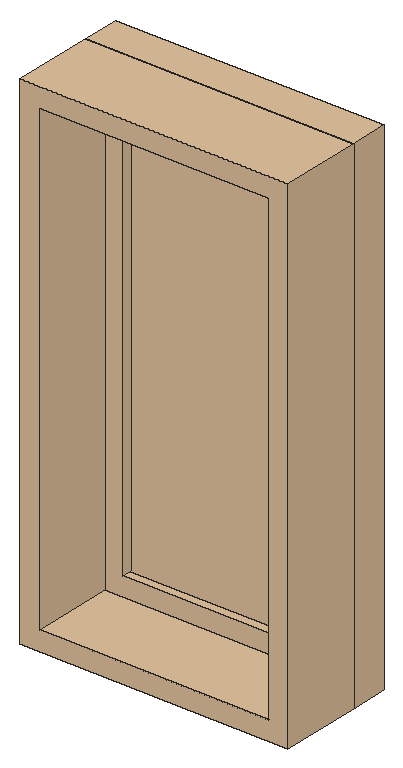
Revit family "排氣墩1", category 窗, Revit 2014
Parameters (values of type "45 x 95 cm 2")
  熱阻 (R) = 0.271106 (m²·K)/W
  Visual Light Transmittance = 0.9
  Solar Heat Gain Coefficient = 0.78
  營造類型 Id = "GSP4R"
  傳熱係數 (U) = 3.6886 W/(m²·K)
  框架外部材料 = 窗框
  框架內部材料 = 窗框
  玻璃窗格材料 = 玻璃
  高度 = 850 mm
  窗框 = 窗框
  預設窗台高度 = 0 mm
  牆封閉 = 依主體
  寬度 = 450 mm
  窗戶內嵌 = 19 mm
  解析營造 = "1/8 英吋 Pilkington 單層鑲嵌玻璃"
Reference planes
  plane 1: y = 0
  plane 2 "中心": x = 0
  plane 3 "左": x = -225
  plane 4 "右": x = 225
  plane 5 "窗台": z = 0
  plane 6 "標頭": z = 850
  plane 7: x = -206
  plane 8: x = 206
  plane 9: x = -193
  plane 10: x = 193
  plane 11: z = 831
  plane 12: z = 818
  plane 13: z = 32
  plane 14 "封閉": y = 66
Forms (mm)
  Extrusion 1, solid, material "窗框" <- "框架內部材料"
    sketch origin (0, 0, 0) x (-1, 0, 0) y (0, 0, 1)
      loop
        line (-225, 850) -> (-225, 0) -> (225, 0) -> (225, 850) -> (-225, 850)
      loop
        line (-193, 818) -> (-193, 32) -> (193, 32) -> (193, 818) -> (-193, 818)
    from -87 to 50
  Extrusion 2, solid, material "窗框" <- "框架外部材料"
    sketch origin (0, 0, 0) x (-1, 0, 0) y (0, 0, 1)
      loop
        line (-225, 850) -> (-225, 0) -> (225, 0) -> (225, 850) -> (-225, 850)
      loop
        line (-206, 831) -> (-206, 19) -> (206, 19) -> (206, 831) -> (-206, 831)
    from 50 to 113
  Extrusion 3, solid, material "窗框" <- "窗框"
    sketch origin (0, 0, 0) x (-1, 0, 0) y (0, 0, 1)
      loop
        line (-206, 831) -> (-206, 19) -> (206, 19) -> (206, 831) -> (-206, 831)
      loop
        line (-162, 787) -> (-162, 63) -> (162, 63) -> (162, 787) -> (-162, 787)
    from 50 to 94
  Extrusion 4, solid, material "窗框" <- "窗框"
    sketch origin (0, 0, 0) x (-1, 0, 0) y (0, 0, 1)
      loop
        line (-162, 787) -> (-162, 63) -> (162, 63) -> (162, 787) -> (-162, 787)
    from 66 to 78
Lines and regions (mm)
  Opening 1
    outline origin (3500, -87, 0) x (1, 0, 0) y (0, 0, 1)
      loop
        line (-3275, 0) -> (-3275, 850) -> (-3725, 850) -> (-3725, 0) -> (-3275, 0)
  symbolic lines, style "WindowsFrameMullionProjection"
    curve 1: line (-225, 113, 0) -> (-206, 113, 0)
    curve 2: line (-225, -87, 0) -> (-193, -87, 0)
    curve 3: line (-206, 94, 0) -> (-162, 94, 0)
    curve 4: line (-206, 50, 0) -> (-162, 50, 0)
    curve 5: line (-206, 113, 0) -> (-206, 50, 0)
    curve 6: line (-162, 94, 0) -> (-162, 50, 0)
    curve 7: line (-193, 50, 0) -> (-193, -87, 0)
    curve 8: line (223.878, 113, 0) -> (206, 113, 0)
    curve 9: line (206, 113, 0) -> (206, 50, 0)
    curve 10: line (206, 94, 0) -> (162, 94, 0)
    curve 11: line (162, 94, 0) -> (162, 50, 0)
    curve 12: line (162, 50, 0) -> (206, 50, 0)
    curve 13: line (225, -87, 0) -> (193, -87, 0)
    curve 14: line (193, 50, 0) -> (193, -87, 0)
  symbolic lines, style "WindowsGlassProjection"
    curve 15: line (-162, 72, 0) -> (162, 72, 0)
  model lines
    curve 16: line (-162, 66, 103) -> (162, 66, 103)
    curve 17: line (-162, 66, 143) -> (162, 66, 143)
    curve 18: line (-162, 66, 183) -> (162, 66, 183)
    curve 19: line (-162, 66, 223) -> (162, 66, 223)
    curve 20: line (-162, 66, 263) -> (162, 66, 263)
    curve 21: line (-162, 66, 303) -> (162, 66, 303)
    curve 22: line (-162, 66, 343) -> (162, 66, 343)
    curve 23: line (-162, 66, 383) -> (162, 66, 383)
    curve 24: line (-162, 66, 423) -> (162, 66, 423)
    curve 25: line (-162, 66, 463) -> (162, 66, 463)
    curve 26: line (-162, 66, 503) -> (162, 66, 503)
    curve 27: line (-162, 66, 543) -> (162, 66, 543)
    curve 28: line (-162, 66, 583) -> (162, 66, 583)
    curve 29: line (-162, 66, 623) -> (162, 66, 623)
    curve 30: line (-162, 66, 663) -> (162, 66, 663)
    curve 31: line (-162, 66, 703) -> (162, 66, 703)
    curve 32: line (-162, 66, 743) -> (162, 66, 743)
    curve 33: line (-162, 66, 783) -> (162, 66, 783)
    curve 34: line (-162, 66, 823) -> (162, 66, 823)
    curve 35: line (-162, 66, 773) -> (162, 66, 773)
    curve 36: line (-162, 78, 13) -> (162, 78, 13)
    curve 37: line (-162, 78, 53) -> (162, 78, 53)
    curve 38: line (-162, 78, 93) -> (162, 78, 93)
    curve 39: line (-162, 78, 133) -> (162, 78, 133)
    curve 40: line (-162, 78, 173) -> (162, 78, 173)
    curve 41: line (-162, 78, 213) -> (162, 78, 213)
    curve 42: line (-162, 78, 253) -> (162, 78, 253)
    curve 43: line (-162, 78, 293) -> (162, 78, 293)
    curve 44: line (-162, 78, 333) -> (162, 78, 333)
    curve 45: line (-162, 78, 373) -> (162, 78, 373)
    curve 46: line (-162, 78, 413) -> (162, 78, 413)
    curve 47: line (-162, 78, 453) -> (162, 78, 453)
    curve 48: line (-162, 78, 493) -> (162, 78, 493)
    curve 49: line (-162, 78, 533) -> (162, 78, 533)
    curve 50: line (-162, 78, 573) -> (162, 78, 573)
    curve 51: line (-162, 78, 613) -> (162, 78, 613)
    curve 52: line (-162, 78, 653) -> (162, 78, 653)
    curve 53: line (-162, 78, 693) -> (162, 78, 693)
    curve 54: line (-162, 78, 733) -> (162, 78, 733)
    curve 55: line (-162, 78, 773) -> (162, 78, 773)
Text (mm)
  text "外部" at (-1394.263, 836.427, 0), in view "樓板線"
  text "內部" at (-1394.263, -535.979, 0), in view "樓板線"
  text "外部" at (0, 314.263, 3273.967), in view "右"
  text "外部" at (0, 999.457, 3063.296), in view "左"
Dimensions and locks
  equal spacing: plane 3 "左", plane 2 "中心", plane 4 "右"
  "寬度": plane 3 "左" to plane 4 "右"
  "高度": plane 5 "窗台" to plane 6 "標頭"
  "預設窗台高度": plane 5 "窗台" to level
  "窗戶內嵌": host wall to Extrusion 3
  locked: Extrusion 3 to Extrusion 3 at 44
  locked: Extrusion 3 to Extrusion 4 at 16
  locked: Extrusion 4 to Extrusion 4 at 12
  locked: Extrusion 1 sketch curve to Extrusion 1 sketch curve at 32  (x2)
  locked: plane 3 "左" to plane 7 at 19
  locked: plane 8 to plane 4 "右" at 19
  locked: plane 10 to plane 4 "右" at 32
  locked: plane 3 "左" to plane 9 at 32
  locked: plane 11 to plane 6 "標頭" at 19
  locked: plane 6 "標頭" to plane 12 at 32
  locked: plane 13 to plane 5 "窗台" at 32
  locked: plane 14 "封閉" to host wall at 47
  aligned and locked: host wall to Extrusion 1
  aligned and locked: host wall to Extrusion 2
  aligned and locked: Extrusion 3 sketch curve to Extrusion 2  (x4)
  aligned and locked: Extrusion 3 to Extrusion 1
  aligned and locked: Extrusion 2 to Extrusion 1
  aligned and locked: Extrusion 4 sketch curve to Extrusion 3  (x4)
  aligned and locked: curve 1 to Extrusion 2  (x2)
  aligned and locked: Extrusion 1 to curve 2
  aligned and locked: curve 3 to Extrusion 3
  aligned and locked: curve 4 to Extrusion 2  (x2)
  aligned and locked: curve 5 to Extrusion 2
  aligned and locked: curve 6 to Extrusion 3
  aligned and locked: curve 7 to Extrusion 1
  aligned and locked: Extrusion 2 to curve 9
  aligned and locked: curve 10 to Extrusion 3
  aligned and locked: curve 11 to Extrusion 3
  aligned and locked: Extrusion 3 to curve 12
  aligned and locked: curve 13 to Extrusion 1  (x2)
  aligned and locked: curve 14 to Extrusion 1
  aligned and locked: Extrusion 2 to curve 8
  aligned and locked: curve 55 to Extrusion 4
  aligned and locked: curve 54 to Extrusion 4
  aligned and locked: curve 53 to Extrusion 4
  aligned and locked: curve 52 to Extrusion 4
  aligned and locked: curve 51 to Extrusion 4
  aligned and locked: curve 50 to Extrusion 4
  aligned and locked: curve 49 to Extrusion 4
  aligned and locked: curve 48 to Extrusion 4
  aligned and locked: curve 47 to Extrusion 4
  aligned and locked: curve 46 to Extrusion 4
  aligned and locked: Extrusion 4 to curve 38
Automatic sketch dimensions
  Extrusion 1 sketch curve to plane 5 "窗台" = 32 mm
  plane 6 "標頭" to Extrusion 1 sketch curve = 32 mm
  plane 4 "右" to Extrusion 2 sketch curve = 19 mm
  Extrusion 2 sketch curve to Extrusion 2 sketch curve = 19 mm
  Extrusion 2 sketch curve to plane 5 "窗台" = 19 mm
  plane 6 "標頭" to Extrusion 2 sketch curve = 19 mm
  Extrusion 1 sketch curve to plane 4 "右" = 0 mm
  Extrusion 1 sketch curve to plane 3 "左" = 0 mm
  Extrusion 1 sketch curve to plane 5 "窗台" = 0 mm
  Extrusion 1 sketch curve to plane 6 "標頭" = 0 mm
  Extrusion 2 sketch curve to plane 4 "右" = 0 mm
  Extrusion 2 sketch curve to plane 3 "左" = 0 mm
  Extrusion 2 sketch curve to plane 5 "窗台" = 0 mm
  Extrusion 2 sketch curve to plane 6 "標頭" = 0 mm
  Opening 1 sketch curve to plane 3 "左" = 0 mm
  Opening 1 sketch curve to plane 4 "右" = 0 mm
  Opening 1 sketch curve to plane 5 "窗台" = 0 mm
  Opening 1 sketch curve to plane 6 "標頭" = 0 mm
  host wall to curve 7 = 0 mm
  plane 4 "右" to curve 8 = 1.122 mm
  curve 15 to plane 14 "封閉" = 6 mm
  plane 10 to Extrusion 3 sketch curve = 31 mm
  Extrusion 3 sketch curve to plane 13 = 31 mm
  Extrusion 3 sketch curve to plane 9 = 31 mm
  plane 12 to Extrusion 3 sketch curve = 31 mm
  Extrusion 4 to curve 16 = 0 mm
  Extrusion 4 to curve 17 = 0 mm
  Extrusion 4 to curve 18 = 0 mm
  Extrusion 4 to curve 19 = 0 mm
  Extrusion 4 to curve 20 = 0 mm
  Extrusion 4 to curve 35 = 0 mm
  Extrusion 4 to curve 21 = 0 mm
  Extrusion 4 to curve 22 = 0 mm
  Extrusion 4 to curve 23 = 0 mm
  Extrusion 4 to curve 24 = 0 mm
  Extrusion 4 to curve 25 = 0 mm
  Extrusion 4 to curve 26 = 0 mm
  Extrusion 4 to curve 27 = 0 mm
  Extrusion 4 to curve 28 = 0 mm
  Extrusion 4 to curve 29 = 0 mm
  Extrusion 4 to curve 30 = 0 mm
  Extrusion 4 to curve 31 = 0 mm
  Extrusion 4 to curve 32 = 0 mm
  Extrusion 4 to curve 33 = 0 mm
  Extrusion 4 to curve 34 = 0 mm
  curve 34 to Extrusion 4 = 0 mm
  curve 33 to Extrusion 4 = 0 mm
  curve 32 to Extrusion 4 = 0 mm
  curve 31 to Extrusion 4 = 0 mm
  curve 30 to Extrusion 4 = 0 mm
  curve 29 to Extrusion 4 = 0 mm
  curve 28 to Extrusion 4 = 0 mm
  curve 27 to Extrusion 4 = 0 mm
  curve 26 to Extrusion 4 = 0 mm
  curve 25 to Extrusion 4 = 0 mm
  curve 24 to Extrusion 4 = 0 mm
  curve 23 to Extrusion 4 = 0 mm
  curve 22 to Extrusion 4 = 0 mm
  curve 35 to Extrusion 4 = 0 mm
  curve 21 to Extrusion 4 = 0 mm
  curve 20 to Extrusion 4 = 0 mm
  curve 19 to Extrusion 4 = 0 mm
  curve 18 to Extrusion 4 = 0 mm
  curve 17 to Extrusion 4 = 0 mm
  curve 16 to Extrusion 4 = 0 mm
  Extrusion 4 to curve 16 = 40 mm
  curve 16 to curve 17 = 40 mm
  curve 17 to curve 18 = 40 mm
  curve 18 to curve 19 = 40 mm
  curve 19 to curve 20 = 40 mm
  curve 20 to curve 21 = 40 mm
  curve 21 to curve 22 = 40 mm
  curve 22 to curve 23 = 40 mm
  curve 23 to curve 24 = 40 mm
  curve 24 to curve 25 = 40 mm
  curve 25 to curve 26 = 40 mm
  curve 26 to curve 27 = 40 mm
  curve 27 to curve 28 = 40 mm
  curve 28 to curve 29 = 40 mm
  curve 29 to curve 30 = 40 mm
  curve 30 to curve 31 = 40 mm
  curve 31 to curve 32 = 40 mm
  curve 32 to curve 33 = 40 mm
  curve 33 to curve 34 = 40 mm
  Extrusion 4 to curve 35 = 14 mm
  plane 10 to curve 55 = 31 mm
  plane 10 to curve 54 = 31 mm
  plane 10 to curve 53 = 31 mm
  plane 10 to curve 52 = 31 mm
  plane 10 to curve 51 = 31 mm
  plane 10 to curve 50 = 31 mm
  plane 10 to curve 49 = 31 mm
  plane 10 to curve 48 = 31 mm
  plane 10 to curve 47 = 31 mm
  plane 10 to curve 46 = 31 mm
  plane 10 to curve 45 = 31 mm
  plane 10 to curve 44 = 31 mm
  plane 10 to curve 43 = 31 mm
  plane 10 to curve 42 = 31 mm
  plane 10 to curve 41 = 31 mm
  plane 10 to curve 40 = 31 mm
  plane 10 to curve 39 = 31 mm
  plane 10 to curve 38 = 31 mm
  plane 10 to curve 37 = 31 mm
  plane 10 to curve 36 = 31 mm
  curve 37 to plane 9 = 31 mm
  curve 38 to plane 9 = 31 mm
  curve 39 to plane 9 = 31 mm
  curve 40 to plane 9 = 31 mm
  curve 41 to plane 9 = 31 mm
  curve 42 to plane 9 = 31 mm
  curve 43 to plane 9 = 31 mm
  curve 44 to plane 9 = 31 mm
  curve 45 to plane 9 = 31 mm
  curve 46 to plane 9 = 31 mm
  curve 47 to plane 9 = 31 mm
  curve 48 to plane 9 = 31 mm
  curve 49 to plane 9 = 31 mm
  curve 50 to plane 9 = 31 mm
  curve 51 to plane 9 = 31 mm
  curve 52 to plane 9 = 31 mm
  curve 53 to plane 9 = 31 mm
  curve 54 to plane 9 = 31 mm
  curve 55 to plane 9 = 31 mm
  curve 36 to plane 9 = 31 mm
  curve 55 to curve 54 = 40 mm
  curve 54 to curve 53 = 40 mm
  curve 53 to curve 52 = 40 mm
  curve 52 to curve 51 = 40 mm
  curve 51 to curve 50 = 40 mm
  curve 50 to curve 49 = 40 mm
  curve 49 to curve 48 = 40 mm
  curve 48 to curve 47 = 40 mm
  curve 47 to curve 46 = 40 mm
  curve 46 to curve 45 = 40 mm
  curve 45 to curve 44 = 40 mm
  curve 44 to curve 43 = 40 mm
  curve 43 to curve 42 = 40 mm
  curve 42 to curve 41 = 40 mm
  curve 41 to curve 40 = 40 mm
  curve 40 to curve 39 = 40 mm
  curve 39 to curve 38 = 40 mm
  curve 38 to curve 37 = 40 mm
  curve 37 to curve 36 = 40 mm
  plane 12 to curve 55 = 45 mm
